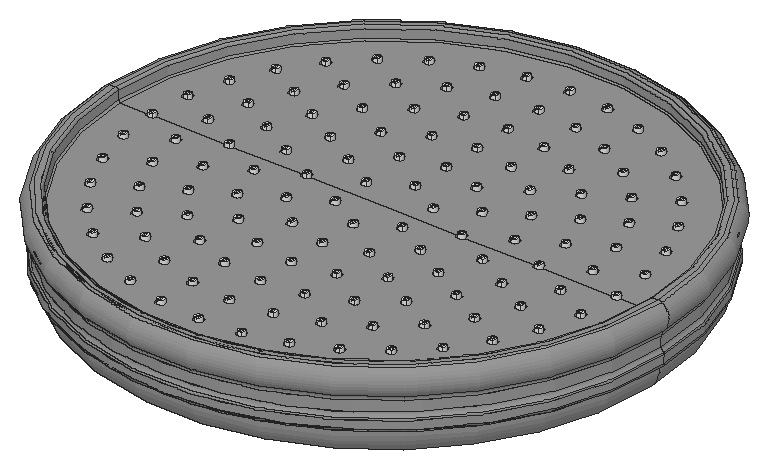
Revit family "Shower-Showerhead-KOHLER-KATALYST-K-15991T_1", category Plumbing Fixtures, host Face, Revit 2017
Family settings
  Host = Face
  Round Connector Dimension = Use Diameter
  Part Type = Normal
  OmniClass Number = 23.31.17.00
  Cut with Voids When Loaded = No
  Shared = No
  Room Calculation Point = No
Parameters (values of type "Not a Type-See Type Catalog")
  Width = 10 109/256"  # constant formula
  WaterSense Certified = 1 = 0  # no
  Waste Water Outlet = "Waste Water Outlet"  # constant formula
  Waste Connection = 1 = 0  # no
  Vent Connection = 1 = 0  # no
  URL = "http://www.kohler.com.cn/"
  Type = 0
  Product Page URL = "https://www.kohler.com.cn/product/K-15991T-CL-CP/K-15991T-CL-2MB/"
  Product Name = "Katalyst"  # constant formula
  Product Documentation Link = "https://files.kohler.com.cn/pdfs/15992T.pdf"
  Pressure = 72.50 psi  # constant formula
  Panel Thickness = 0"
  Model = if(Type = 1, "K-15991T-CL-2BZ", if(Type = 2, "K-15991T-CL-RGD ", if(Type = 3, "K-15991T-CL-BV", if(Type = 4, "K-15991T-CL-PGD", if(Type = 5, "K-15991T-CL-SN", if(Type = 6, "K-15991T-CL-BN", if(Type = 7, "K-15991T-CL-AF", if(Type = 8, "K-15991T-CL-CP", if(Type = 9, "K-15991T-CL-BL", if(Type = 10, "K-15991T-CL-2MB", "NA"))))))))))  # "NA"
  Material = "Premium Metal Construction"  # constant formula
  Master Format 2014 Name = "Residential Showers"  # constant formula
  Master Format 2014 = "22 42 23"  # constant formula
  Manufacturer Address = "Kohler Beijing Office (100016) 36-2-03-B, No. 88, Liuxiang Road, Beijing"  # constant formula
  Manufacturer = "KOHLER Co."  # constant formula
  Length = 10 109/256"  # constant formula
  Hot Water Inlet = "Tempered Water Inlet"  # constant formula
  Height = 3 119/256"  # constant formula
  HW Connection = 1 = 1  # yes
  Flow Rate = 0 GPM
  Finish = Default
  Environmental Product Declaration = ""
  Drain Included = 1 = 0  # no
  Description = "Xpress Rain Shower 10 inch Classic"  # constant formula
  Default Elevation = 0"
  Declare Label = ""
  Date Modified = "09/28/2020"  # constant formula
  Date Created = "09/28/2020"  # constant formula
  Copyright = "Copyright KOHLER Co."  # constant formula
  Contact Us = "http://www.kohler.com.cn/contact/contact-us/"
  Cold Water Inlet = "Cold Water Inlet"  # constant formula
  CW Connection = 1 = 0  # no
  Assembly Code = "D2010700"
  ADA Compliant = 1 = 0  # no
Reference planes (in)
  plane 1 "Center (Front/Back)": y = 0
  plane 2: z = 0
  plane 3 "Center (Left/Right)": x = 0
  plane 4: z = 3.46484
  plane 5: y = 5.2126
  plane 6: y = -5.21318
  plane 7: x = -5.2126
  plane 8: x = 5.21318
  plane 9: z = 0.97627
Dimensions and locks (in)
  "Height": level to plane 4
  "Width": plane 7 to plane 8
  "Length": plane 5 to plane 6
  aligned and locked: plane 2 to host face
  aligned and locked: level to host face
Automatic sketch dimensions
  host sketch curve to host sketch curve = 96"  (x2)
Nested families (in)
  nested 1: "K-15991T" at (0, 0, 0), type "K-15991T"
Connectors (in)
  piping at (0, 0, 0), diameter 0.5, driven by "Pressure", driven by "HW Connection", driven by "Hot Water Inlet", driven by "Flow Rate"
    settings: on nested 1, index 1, connector inside diameter 24", connector length 0", flow factor 0, pipe flow 0 GPM, pressure drop 72.50 psi, fitting loss kfactor 0, connector angle 0.00°, fixture units 0, engagement length 0", angle of deflection 0.00°, flow configuration 0, flow direction 1, fitting loss method 4, system type 19, joint type 0, gender type 0, connector reference index -1, connector utility 1, adjustable connector no, is connector primary yes, connector description "Tempered Water Inlet"
Definition of nested family "K-15991T"
  Parameters (values of type "K-15991T")
    Material = none
  Reference planes (in)
    plane 1 "Center (Front/Back)": y = 0
    plane 2: z = 0
    plane 3 "Center (Left/Right)": x = 0
    plane 4: z = 3.46457
    plane 5: y = -5.2126
    plane 6: y = 5.2126
    plane 7: x = -5.2126
    plane 8: x = 5.2126
  Forms (in)
    Revolve 1, solid, material <- "Material", detail levels medium+fine
      sketch origin (0, 0, 0) x (1, 0, 0) y (0, 0, 1)
        loop
          arc (-5.01956, 3.46457) -> (-5.04915, 3.46043) -> (-5.07647, 3.44833) r 0.10786
          arc (-5.07647, 3.44833) -> (-5.2126, 3.22244) -> (-5.10918, 2.97983) r 0.28967
          arc (-5.10918, 2.97983) -> (-5.08309, 2.94597) -> (-5.07381, 2.90425) r 0.09842
          line (-5.07381, 2.90425) -> (-5.07381, 2.71266)
          arc (-5.07381, 2.71266) -> (-5.08375, 2.66486) -> (-5.11193, 2.62499) r 0.11988
          arc (-5.11193, 2.62499) -> (-5.1209, 2.6123) -> (-5.12406, 2.59708) r 0.03816
          line (-5.12406, 2.59708) -> (-5.12406, 2.45395)
          arc (-5.12406, 2.45395) -> (-5.11285, 2.42689) -> (-5.08579, 2.41568) r 0.03827
          line (-5.08579, 2.41568) -> (-5.05408, 2.41568) -> (-5.05408, 2.38231)
          arc (-5.05408, 2.38231) -> (-4.9366, 2.05749) -> (-4.63854, 1.88295) r 0.50781
          line (-4.63854, 1.88295) -> (-1.26763, 1.26005)
          arc (-1.26763, 1.26005) -> (-1.08065, 1.20325) -> (-0.911, 1.10627) r 0.87269
          line (-0.911, 1.10627) -> (-0.49943, 1.10627)
          arc (-0.49943, 1.10627) -> (-0.43577, 0.97626) -> (-0.33654, 0.87087) r 0.48455
          arc (-0.33654, 0.87087) -> (-0.31003, 0.80612) -> (-0.35206, 0.75019) r 0.07083
          arc (-0.35206, 0.75019) -> (-0.42759, 0.7) -> (-0.48112, 0.62679) r 0.25817
          arc (-0.48112, 0.62679) -> (-0.4923, 0.59527) -> (-0.49609, 0.56205) r 0.14742
          line (-0.49609, 0.56205) -> (-0.49609, 0.02036)
          arc (-0.49609, 0.02036) -> (-0.49013, 0.00596) -> (-0.47574, 0) r 0.02036
          line (-0.47574, 0) -> (-0.43476, 0) -> (-0.38066, 0.05411) -> (-0.38066, 0.41689) -> (0, 0.41689) -> (0, 3.24281) -> (-4.84979, 3.24281)
          arc (-4.84979, 3.24281) -> (-4.86912, 3.25069) -> (-4.87743, 3.26984) r 0.02765
          line (-4.87743, 3.26984) -> (-4.88082, 3.42155)
          arc (-4.88082, 3.42155) -> (-4.89405, 3.45203) -> (-4.92481, 3.46457) r 0.044
          line (-4.92481, 3.46457) -> (-5.01956, 3.46457)
        axis (0, 3.46457) -> (0, 0)
      angle from 0 to 360
    Extrusion 2, solid, material <- "Material", detail levels medium+fine
      sketch origin (-0.15625, 0, 0) x (1, 0, 0) y (0, 1, 0)
        loop
          arc (1.01321, 0.275) -> (0.93567, 0.45) -> (0.82289, 0.60465) r 0.9
          line (0.82289, 0.60465) -> (0.34657, 0.87965)
          arc (0.34657, 0.87965) -> (0.15625, 0.9) -> (-0.03407, 0.87965) r 0.9
          line (-0.03407, 0.87965) -> (-0.51039, 0.60465)
          arc (-0.51039, 0.60465) -> (-0.62317, 0.45) -> (-0.70071, 0.275) r 0.9
          line (-0.70071, 0.275) -> (-0.70071, -0.275)
          arc (-0.70071, -0.275) -> (-0.62317, -0.45) -> (-0.51039, -0.60465) r 0.9
          line (-0.51039, -0.60465) -> (-0.03407, -0.87965)
          arc (-0.03407, -0.87965) -> (0.15625, -0.9) -> (0.34657, -0.87965) r 0.9
          line (0.34657, -0.87965) -> (0.82289, -0.60465)
          arc (0.82289, -0.60465) -> (0.93567, -0.45) -> (1.01321, -0.275) r 0.9
          line (1.01321, -0.275) -> (1.01321, 0.275)
      from 0.97627 to 1.10627
    Extrusion 3, void
      sketch origin (0, 0, 0) x (1, 0, 0) y (0, 1, 0)
        loop
          circle (-0.00085, 0.70856) r 0.08333
        loop
          circle (-0.61405, 0.35355) r 0.08333
        loop
          circle (-0.00085, 1.41754) r 0.08333
        loop
          circle (-0.70951, 1.22721) r 0.08333
        loop
          circle (-1.22805, 0.70804) r 0.08333
        loop
          circle (-1.41754, -0.00085) r 0.08333
        loop
          circle (-0.00085, 2.12653) r 0.08333
        loop
          circle (-0.00085, 2.83551) r 0.08333
        loop
          circle (-0.00085, 3.5445) r 0.08333
        loop
          circle (-0.00085, 4.25348) r 0.08333
        loop
          circle (-0.72811, 1.99799) r 0.08333
        loop
          circle (-1.36755, 1.62847) r 0.08333
        loop
          circle (-1.84205, 1.06253) r 0.08333
        loop
          circle (-2.09437, 0.36843) r 0.08333
        loop
          circle (-0.7347, 2.73868) r 0.08333
        loop
          circle (-1.41849, 2.4552) r 0.08333
        loop
          circle (-2.00561, 2.00441) r 0.08333
        loop
          circle (-2.45605, 1.41702) r 0.08333
        loop
          circle (-2.73911, 0.73307) r 0.08333
        loop
          circle (-2.83551, -0.00085) r 0.08333
        loop
          circle (-0.73777, 3.46687) r 0.08333
        loop
          circle (-1.44245, 3.23772) r 0.08333
        loop
          circle (-2.08409, 2.86706) r 0.08333
        loop
          circle (-2.63464, 2.3711) r 0.08333
        loop
          circle (-3.07005, 1.77152) r 0.08333
        loop
          circle (-3.37128, 1.0945) r 0.08333
        loop
          circle (-3.52517, 0.36966) r 0.08333
        loop
          circle (-0.73944, 4.18871) r 0.08333
        loop
          circle (-1.45557, 3.99668) r 0.08333
        loop
          circle (-2.12747, 3.6832) r 0.08333
        loop
          circle (-2.73473, 3.25781) r 0.08333
        loop
          circle (-3.2589, 2.73344) r 0.08333
        loop
          circle (-3.68405, 2.12601) r 0.08333
        loop
          circle (-3.99726, 1.45398) r 0.08333
        loop
          circle (-4.18901, 0.73778) r 0.08333
        loop
          circle (-4.25348, -0.00085) r 0.08333
        loop
          circle (0.61405, 0.35355) r 0.08333
        loop
          circle (0.70951, 1.22721) r 0.08333
        loop
          circle (1.22805, 0.70804) r 0.08333
        loop
          circle (0.72811, 1.99799) r 0.08333
        loop
          circle (1.36755, 1.62847) r 0.08333
        loop
          circle (1.84205, 1.06253) r 0.08333
        loop
          circle (2.09437, 0.36843) r 0.08333
        loop
          circle (0.7347, 2.73868) r 0.08333
        loop
          circle (1.41849, 2.4552) r 0.08333
        loop
          circle (2.00561, 2.00441) r 0.08333
        loop
          circle (2.45605, 1.41702) r 0.08333
        loop
          circle (2.73911, 0.73307) r 0.08333
        loop
          circle (0.73777, 3.46687) r 0.08333
        loop
          circle (1.44245, 3.23772) r 0.08333
        loop
          circle (2.08409, 2.86706) r 0.08333
        loop
          circle (2.63464, 2.3711) r 0.08333
        loop
          circle (3.07005, 1.77152) r 0.08333
        loop
          circle (3.37128, 1.0945) r 0.08333
        loop
          circle (3.52517, 0.36966) r 0.08333
        loop
          circle (0.73944, 4.18871) r 0.08333
        loop
          circle (1.45557, 3.99668) r 0.08333
        loop
          circle (2.12747, 3.6832) r 0.08333
        loop
          circle (2.73473, 3.25781) r 0.08333
        loop
          circle (3.2589, 2.73344) r 0.08333
        loop
          circle (3.68405, 2.12601) r 0.08333
        loop
          circle (3.99726, 1.45398) r 0.08333
        loop
          circle (4.18901, 0.73778) r 0.08333
        loop
          circle (1.41754, -0.00085) r 0.08333
        loop
          circle (2.83551, -0.00085) r 0.08333
        loop
          circle (4.25348, -0.00085) r 0.08333
        loop
          circle (-0.00085, -0.70856) r 0.08333
        loop
          circle (-0.61405, -0.35355) r 0.08333
        loop
          circle (-0.00085, -1.41754) r 0.08333
        loop
          circle (-0.70951, -1.22721) r 0.08333
        loop
          circle (-1.22805, -0.70804) r 0.08333
        loop
          circle (-0.00085, -2.12653) r 0.08333
        loop
          circle (-0.00085, -2.83551) r 0.08333
        loop
          circle (-0.00085, -3.5445) r 0.08333
        loop
          circle (-0.00085, -4.25348) r 0.08333
        loop
          circle (-0.72811, -1.99799) r 0.08333
        loop
          circle (-1.36755, -1.62847) r 0.08333
        loop
          circle (-1.84205, -1.06253) r 0.08333
        loop
          circle (-2.09437, -0.36843) r 0.08333
        loop
          circle (-0.7347, -2.73868) r 0.08333
        loop
          circle (-1.41849, -2.4552) r 0.08333
        loop
          circle (-2.00561, -2.00441) r 0.08333
        loop
          circle (-2.45605, -1.41702) r 0.08333
        loop
          circle (-2.73911, -0.73307) r 0.08333
        loop
          circle (-0.73777, -3.46687) r 0.08333
        loop
          circle (-1.44245, -3.23772) r 0.08333
        loop
          circle (-2.08409, -2.86706) r 0.08333
        loop
          circle (-2.63464, -2.3711) r 0.08333
        loop
          circle (-3.07005, -1.77152) r 0.08333
        loop
          circle (-3.37128, -1.0945) r 0.08333
        loop
          circle (-3.52517, -0.36966) r 0.08333
        loop
          circle (-0.73944, -4.18871) r 0.08333
        loop
          circle (-1.45557, -3.99668) r 0.08333
        loop
          circle (-2.12747, -3.6832) r 0.08333
        loop
          circle (-2.73473, -3.25781) r 0.08333
        loop
          circle (-3.2589, -2.73344) r 0.08333
        loop
          circle (-3.68405, -2.12601) r 0.08333
        loop
          circle (-3.99726, -1.45398) r 0.08333
        loop
          circle (-4.18901, -0.73778) r 0.08333
        loop
          circle (0.61405, -0.35355) r 0.08333
        loop
          circle (0.70951, -1.22721) r 0.08333
        loop
          circle (1.22805, -0.70804) r 0.08333
        loop
          circle (0.72811, -1.99799) r 0.08333
        loop
          circle (1.36755, -1.62847) r 0.08333
        loop
          circle (1.84205, -1.06253) r 0.08333
        loop
          circle (2.09437, -0.36843) r 0.08333
        loop
          circle (0.7347, -2.73868) r 0.08333
        loop
          circle (1.41849, -2.4552) r 0.08333
        loop
          circle (2.00561, -2.00441) r 0.08333
        loop
          circle (2.45605, -1.41702) r 0.08333
        loop
          circle (2.73911, -0.73307) r 0.08333
        loop
          circle (0.73777, -3.46687) r 0.08333
        loop
          circle (1.44245, -3.23772) r 0.08333
        loop
          circle (2.08409, -2.86706) r 0.08333
        loop
          circle (2.63464, -2.3711) r 0.08333
        loop
          circle (3.07005, -1.77152) r 0.08333
        loop
          circle (3.37128, -1.0945) r 0.08333
        loop
          circle (3.52517, -0.36966) r 0.08333
        loop
          circle (0.73944, -4.18871) r 0.08333
        loop
          circle (1.45557, -3.99668) r 0.08333
        loop
          circle (2.12747, -3.6832) r 0.08333
        loop
          circle (2.73473, -3.25781) r 0.08333
        loop
          circle (3.2589, -2.73344) r 0.08333
        loop
          circle (3.68405, -2.12601) r 0.08333
        loop
          circle (3.99726, -1.45398) r 0.08333
        loop
          circle (4.18901, -0.73778) r 0.08333
      from 3.14429 to 3.26977
    Extrusion 4, solid, detail levels medium+fine
      sketch origin (0, 0, 0) x (1, 0, 0) y (0, 1, 0)
        loop
          circle (-0.00085, 0.70856) r 0.06192
        loop
          circle (-0.00085, 0.70856) r 0.0308
        loop
          circle (-0.61405, 0.35355) r 0.06192
        loop
          circle (-0.61405, 0.35355) r 0.0308
        loop
          circle (-0.00085, 1.41754) r 0.06192
        loop
          circle (-0.00085, 1.41754) r 0.0308
        loop
          circle (-0.70951, 1.22721) r 0.06192
        loop
          circle (-0.70951, 1.22721) r 0.0308
        loop
          circle (-1.22805, 0.70804) r 0.06192
        loop
          circle (-1.22805, 0.70804) r 0.0308
        loop
          circle (-1.41754, -0.00085) r 0.06192
        loop
          circle (-1.41754, -0.00085) r 0.0308
        loop
          circle (-2.83551, -0.00085) r 0.06192
        loop
          circle (-2.83551, -0.00085) r 0.0308
        loop
          circle (-4.25348, -0.00085) r 0.06192
        loop
          circle (-4.25348, -0.00085) r 0.0308
        loop
          circle (-0.00085, 2.12653) r 0.06192
        loop
          circle (-0.00085, 2.12653) r 0.0308
        loop
          circle (-0.00085, 2.83551) r 0.06192
        loop
          circle (-0.00085, 2.83551) r 0.0308
        loop
          circle (-0.00085, 3.5445) r 0.06192
        loop
          circle (-0.00085, 3.5445) r 0.0308
        loop
          circle (-0.00085, 4.25348) r 0.06192
        loop
          circle (-0.00085, 4.25348) r 0.0308
        loop
          circle (-2.09437, 0.36843) r 0.06192
        loop
          circle (-2.09437, 0.36843) r 0.0308
        loop
          circle (-0.72811, 1.99799) r 0.06192
        loop
          circle (-0.72811, 1.99799) r 0.0308
        loop
          circle (-1.36755, 1.62847) r 0.06192
        loop
          circle (-1.36755, 1.62847) r 0.0308
        loop
          circle (-1.84205, 1.06253) r 0.06192
        loop
          circle (-1.84205, 1.06253) r 0.0308
        loop
          circle (-0.7347, 2.73868) r 0.06192
        loop
          circle (-0.7347, 2.73868) r 0.0308
        loop
          circle (-1.41849, 2.4552) r 0.06192
        loop
          circle (-1.41849, 2.4552) r 0.0308
        loop
          circle (-2.00561, 2.00441) r 0.06192
        loop
          circle (-2.00561, 2.00441) r 0.0308
        loop
          circle (-2.45605, 1.41702) r 0.06192
        loop
          circle (-2.45605, 1.41702) r 0.0308
        loop
          circle (-2.73911, 0.73307) r 0.06192
        loop
          circle (-2.73911, 0.73307) r 0.0308
        loop
          circle (-3.52517, 0.36966) r 0.06192
        loop
          circle (-3.52517, 0.36966) r 0.0308
        loop
          circle (-3.37128, 1.0945) r 0.06192
        loop
          circle (-3.37128, 1.0945) r 0.0308
        loop
          circle (-3.07005, 1.77152) r 0.06192
        loop
          circle (-3.07005, 1.77152) r 0.0308
        loop
          circle (-2.63464, 2.3711) r 0.06192
        loop
          circle (-2.63464, 2.3711) r 0.0308
        loop
          circle (-2.08409, 2.86706) r 0.06192
        loop
          circle (-2.08409, 2.86706) r 0.0308
        loop
          circle (-1.44245, 3.23772) r 0.06192
        loop
          circle (-1.44245, 3.23772) r 0.0308
        loop
          circle (-0.73777, 3.46687) r 0.06192
        loop
          circle (-0.73777, 3.46687) r 0.0308
        loop
          circle (-0.73944, 4.18871) r 0.06192
        loop
          circle (-0.73944, 4.18871) r 0.0308
        loop
          circle (-1.45557, 3.99668) r 0.06192
        loop
          circle (-1.45557, 3.99668) r 0.0308
        loop
          circle (-2.12747, 3.6832) r 0.06192
        loop
          circle (-2.12747, 3.6832) r 0.0308
        loop
          circle (-2.73473, 3.25781) r 0.06192
        loop
          circle (-2.73473, 3.25781) r 0.0308
        loop
          circle (-3.2589, 2.73344) r 0.06192
        loop
          circle (-3.2589, 2.73344) r 0.0308
        loop
          circle (-3.68405, 2.12601) r 0.06192
        loop
          circle (-3.68405, 2.12601) r 0.0308
        loop
          circle (-3.99726, 1.45398) r 0.06192
        loop
          circle (-3.99726, 1.45398) r 0.0308
        loop
          circle (-4.18901, 0.73778) r 0.06192
        loop
          circle (-4.18901, 0.73778) r 0.0308
        loop
          circle (0.61236, 0.35355) r 0.06192
        loop
          circle (0.61236, 0.35355) r 0.0308
        loop
          circle (0.70781, 1.22721) r 0.06192
        loop
          circle (0.70781, 1.22721) r 0.0308
        loop
          circle (1.22636, 0.70804) r 0.06192
        loop
          circle (1.22636, 0.70804) r 0.0308
        loop
          circle (2.09268, 0.36843) r 0.06192
        loop
          circle (2.09268, 0.36843) r 0.0308
        loop
          circle (0.72642, 1.99799) r 0.06192
        loop
          circle (0.72642, 1.99799) r 0.0308
        loop
          circle (1.36586, 1.62847) r 0.06192
        loop
          circle (1.36586, 1.62847) r 0.0308
        loop
          circle (1.84036, 1.06253) r 0.06192
        loop
          circle (1.84036, 1.06253) r 0.0308
        loop
          circle (0.73301, 2.73868) r 0.06192
        loop
          circle (0.73301, 2.73868) r 0.0308
        loop
          circle (1.4168, 2.4552) r 0.06192
        loop
          circle (1.4168, 2.4552) r 0.0308
        loop
          circle (2.00392, 2.00441) r 0.06192
        loop
          circle (2.00392, 2.00441) r 0.0308
        loop
          circle (2.45436, 1.41702) r 0.06192
        loop
          circle (2.45436, 1.41702) r 0.0308
        loop
          circle (2.73742, 0.73307) r 0.06192
        loop
          circle (2.73742, 0.73307) r 0.0308
        loop
          circle (3.52348, 0.36966) r 0.06192
        loop
          circle (3.52348, 0.36966) r 0.0308
        loop
          circle (3.36959, 1.0945) r 0.06192
        loop
          circle (3.36959, 1.0945) r 0.0308
        loop
          circle (3.06836, 1.77152) r 0.06192
        loop
          circle (3.06836, 1.77152) r 0.0308
        loop
          circle (2.63295, 2.3711) r 0.06192
        loop
          circle (2.63295, 2.3711) r 0.0308
        loop
          circle (2.0824, 2.86706) r 0.06192
        loop
          circle (2.0824, 2.86706) r 0.0308
        loop
          circle (1.44076, 3.23772) r 0.06192
        loop
          circle (1.44076, 3.23772) r 0.0308
        loop
          circle (0.73608, 3.46687) r 0.06192
        loop
          circle (0.73608, 3.46687) r 0.0308
        loop
          circle (0.73775, 4.18871) r 0.06192
        loop
          circle (0.73775, 4.18871) r 0.0308
        loop
          circle (1.45388, 3.99668) r 0.06192
        loop
          circle (1.45388, 3.99668) r 0.0308
        loop
          circle (2.12578, 3.6832) r 0.06192
        loop
          circle (2.12578, 3.6832) r 0.0308
        loop
          circle (2.73304, 3.25781) r 0.06192
        loop
          circle (2.73304, 3.25781) r 0.0308
        loop
          circle (3.25721, 2.73344) r 0.06192
        loop
          circle (3.25721, 2.73344) r 0.0308
        loop
          circle (3.68235, 2.12601) r 0.06192
        loop
          circle (3.68235, 2.12601) r 0.0308
        loop
          circle (3.99556, 1.45398) r 0.06192
        loop
          circle (3.99556, 1.45398) r 0.0308
        loop
          circle (4.18732, 0.73778) r 0.06192
        loop
          circle (4.18732, 0.73778) r 0.0308
        loop
          circle (1.41754, -0.00085) r 0.06192
        loop
          circle (1.41754, -0.00085) r 0.0308
        loop
          circle (2.83551, -0.00085) r 0.06192
        loop
          circle (2.83551, -0.00085) r 0.0308
        loop
          circle (4.25348, -0.00085) r 0.06192
        loop
          circle (4.25348, -0.00085) r 0.0308
        loop
          circle (-0.00085, -0.70856) r 0.06192
        loop
          circle (-0.00085, -0.70856) r 0.0308
        loop
          circle (-0.61405, -0.35355) r 0.06192
        loop
          circle (-0.61405, -0.35355) r 0.0308
        loop
          circle (-0.00085, -1.41754) r 0.06192
        loop
          circle (-0.00085, -1.41754) r 0.0308
        loop
          circle (-0.70951, -1.22721) r 0.06192
        loop
          circle (-0.70951, -1.22721) r 0.0308
        loop
          circle (-1.22805, -0.70804) r 0.06192
        loop
          circle (-1.22805, -0.70804) r 0.0308
        loop
          circle (-0.00085, -2.12653) r 0.06192
        loop
          circle (-0.00085, -2.12653) r 0.0308
        loop
          circle (-0.00085, -2.83551) r 0.06192
        loop
          circle (-0.00085, -2.83551) r 0.0308
        loop
          circle (-0.00085, -3.5445) r 0.06192
        loop
          circle (-0.00085, -3.5445) r 0.0308
        loop
          circle (-0.00085, -4.25348) r 0.06192
        loop
          circle (-0.00085, -4.25348) r 0.0308
        loop
          circle (-2.09437, -0.36843) r 0.06192
        loop
          circle (-2.09437, -0.36843) r 0.0308
        loop
          circle (-0.72811, -1.99799) r 0.06192
        loop
          circle (-0.72811, -1.99799) r 0.0308
        loop
          circle (-1.36755, -1.62847) r 0.06192
        loop
          circle (-1.36755, -1.62847) r 0.0308
        loop
          circle (-1.84205, -1.06253) r 0.06192
        loop
          circle (-1.84205, -1.06253) r 0.0308
        loop
          circle (-0.7347, -2.73868) r 0.06192
        loop
          circle (-0.7347, -2.73868) r 0.0308
        loop
          circle (-1.41849, -2.4552) r 0.06192
        loop
          circle (-1.41849, -2.4552) r 0.0308
        loop
          circle (-2.00561, -2.00441) r 0.06192
        loop
          circle (-2.00561, -2.00441) r 0.0308
        loop
          circle (-2.45605, -1.41702) r 0.06192
        loop
          circle (-2.45605, -1.41702) r 0.0308
        loop
          circle (-2.73911, -0.73307) r 0.06192
        loop
          circle (-2.73911, -0.73307) r 0.0308
        loop
          circle (-3.52517, -0.36966) r 0.06192
        loop
          circle (-3.52517, -0.36966) r 0.0308
        loop
          circle (-3.37128, -1.0945) r 0.06192
        loop
          circle (-3.37128, -1.0945) r 0.0308
        loop
          circle (-3.07005, -1.77152) r 0.06192
        loop
          circle (-3.07005, -1.77152) r 0.0308
        loop
          circle (-2.63464, -2.3711) r 0.06192
        loop
          circle (-2.63464, -2.3711) r 0.0308
        loop
          circle (-2.08409, -2.86706) r 0.06192
        loop
          circle (-2.08409, -2.86706) r 0.0308
        loop
          circle (-1.44245, -3.23772) r 0.06192
        loop
          circle (-1.44245, -3.23772) r 0.0308
        loop
          circle (-0.73777, -3.46687) r 0.06192
        loop
          circle (-0.73777, -3.46687) r 0.0308
        loop
          circle (-0.73944, -4.18871) r 0.06192
        loop
          circle (-0.73944, -4.18871) r 0.0308
        loop
          circle (-1.45557, -3.99668) r 0.06192
        loop
          circle (-1.45557, -3.99668) r 0.0308
        loop
          circle (-2.12747, -3.6832) r 0.06192
        loop
          circle (-2.12747, -3.6832) r 0.0308
        loop
          circle (-2.73473, -3.25781) r 0.06192
        loop
          circle (-2.73473, -3.25781) r 0.0308
        loop
          circle (-3.2589, -2.73344) r 0.06192
        loop
          circle (-3.2589, -2.73344) r 0.0308
        loop
          circle (-3.68405, -2.12601) r 0.06192
        loop
          circle (-3.68405, -2.12601) r 0.0308
        loop
          circle (-3.99726, -1.45398) r 0.06192
        loop
          circle (-3.99726, -1.45398) r 0.0308
        loop
          circle (-4.18901, -0.73778) r 0.06192
        loop
          circle (-4.18901, -0.73778) r 0.0308
        loop
          circle (0.61236, -0.35355) r 0.06192
        loop
          circle (0.61236, -0.35355) r 0.0308
        loop
          circle (0.70781, -1.22721) r 0.06192
        loop
          circle (0.70781, -1.22721) r 0.0308
        loop
          circle (1.22636, -0.70804) r 0.06192
        loop
          circle (1.22636, -0.70804) r 0.0308
        loop
          circle (2.09268, -0.36843) r 0.06192
        loop
          circle (2.09268, -0.36843) r 0.0308
        loop
          circle (0.72642, -1.99799) r 0.06192
        loop
          circle (0.72642, -1.99799) r 0.0308
        loop
          circle (1.36586, -1.62847) r 0.06192
        loop
          circle (1.36586, -1.62847) r 0.0308
        loop
          circle (1.84036, -1.06253) r 0.06192
        loop
          circle (1.84036, -1.06253) r 0.0308
        loop
          circle (0.73301, -2.73868) r 0.06192
        loop
          circle (0.73301, -2.73868) r 0.0308
        loop
          circle (1.4168, -2.4552) r 0.06192
        loop
          circle (1.4168, -2.4552) r 0.0308
        loop
          circle (2.00392, -2.00441) r 0.06192
        loop
          circle (2.00392, -2.00441) r 0.0308
        loop
          circle (2.45436, -1.41702) r 0.06192
        loop
          circle (2.45436, -1.41702) r 0.0308
        loop
          circle (2.73742, -0.73307) r 0.06192
        loop
          circle (2.73742, -0.73307) r 0.0308
        loop
          circle (3.52348, -0.36966) r 0.06192
        loop
          circle (3.52348, -0.36966) r 0.0308
        loop
          circle (3.36959, -1.0945) r 0.06192
        loop
          circle (3.36959, -1.0945) r 0.0308
        loop
          circle (3.06836, -1.77152) r 0.06192
        loop
          circle (3.06836, -1.77152) r 0.0308
        loop
          circle (2.63295, -2.3711) r 0.06192
        loop
          circle (2.63295, -2.3711) r 0.0308
        loop
          circle (2.0824, -2.86706) r 0.06192
        loop
          circle (2.0824, -2.86706) r 0.0308
        loop
          circle (1.44076, -3.23772) r 0.06192
        loop
          circle (1.44076, -3.23772) r 0.0308
        loop
          circle (0.73608, -3.46687) r 0.06192
        loop
          circle (0.73608, -3.46687) r 0.0308
        loop
          circle (0.73775, -4.18871) r 0.06192
        loop
          circle (0.73775, -4.18871) r 0.0308
        loop
          circle (1.45388, -3.99668) r 0.06192
        loop
          circle (1.45388, -3.99668) r 0.0308
        loop
          circle (2.12578, -3.6832) r 0.06192
        loop
          circle (2.12578, -3.6832) r 0.0308
        loop
          circle (2.73304, -3.25781) r 0.06192
        loop
          circle (2.73304, -3.25781) r 0.0308
        loop
          circle (3.25721, -2.73344) r 0.06192
        loop
          circle (3.25721, -2.73344) r 0.0308
        loop
          circle (3.68235, -2.12601) r 0.06192
        loop
          circle (3.68235, -2.12601) r 0.0308
        loop
          circle (3.99556, -1.45398) r 0.06192
        loop
          circle (3.99556, -1.45398) r 0.0308
        loop
          circle (4.18732, -0.73778) r 0.06192
        loop
          circle (4.18732, -0.73778) r 0.0308
      from 3.14429 to 3.30177
    Extrusion 5, void
      sketch origin (0, 0, 0) x (1, 0, 0) y (0, 0, 1)
        loop
          arc (0.44344, 0.18738) -> (0.44715, 0.17095) -> (0.45758, 0.15773) r 0.03815
          line (0.45758, 0.15773) -> (0.51217, 0.11352) -> (0.51217, 0.65692)
          arc (0.51217, 0.65692) -> (0.49884, 0.6802) -> (0.47202, 0.6805) r 0.027
          arc (0.47202, 0.6805) -> (0.45489, 0.66437) -> (0.44744, 0.64206) r 0.04821
          arc (0.44744, 0.64206) -> (0.44444, 0.58944) -> (0.44344, 0.53674) r 1.38794
          line (0.44344, 0.53674) -> (0.44344, 0.18738)
        loop
          line (-0.44344, 0.18738) -> (-0.44344, 0.53674)
          arc (-0.44344, 0.53674) -> (-0.44444, 0.58944) -> (-0.44744, 0.64206) r 1.38794
          arc (-0.44744, 0.64206) -> (-0.45489, 0.66437) -> (-0.47202, 0.6805) r 0.04821
          arc (-0.47202, 0.6805) -> (-0.49884, 0.6802) -> (-0.51217, 0.65692) r 0.027
          line (-0.51217, 0.65692) -> (-0.51217, 0.11352) -> (-0.45758, 0.15773)
          arc (-0.45758, 0.15773) -> (-0.44715, 0.17095) -> (-0.44344, 0.18738) r 0.03815
      from 0.5 to -0.5
    Revolve 6, solid, material <- "Material", detail levels coarse
      sketch origin (0, 0, 6) x (1, 0, 0) y (0, 0, 1)
        loop
          line (-5.2126, -2.53543) -> (-5.2126, -3.99843) -> (-0.911, -4.89373) -> (-0.911, -5.02373) -> (-0.49609, -5.02373) -> (-0.49609, -6) -> (0, -6) -> (0, -2.53543) -> (-5.2126, -2.53543)
        axis (0, -2.53543) -> (0, -6)
      angle from 0 to 360
  Cuts and joins
    Extrusion 3, Extrusion 5 cuts Revolve 1
  Lines and regions (in)
    Masking region 1
      outline origin (0, 0, 0) x (0, 1, 0) y (0, 0, 1)
        loop
          line (5.01956, 3.46457) -> (-5.01956, 3.46457)
          arc (-5.01956, 3.46457) -> (-5.04915, 3.46043) -> (-5.07647, 3.44833) r 0.10786
          arc (-5.07647, 3.44833) -> (-5.2126, 3.22244) -> (-5.10918, 2.97983) r 0.28967
          arc (-5.10918, 2.97983) -> (-5.08309, 2.94597) -> (-5.07381, 2.90425) r 0.09842
          line (-5.07381, 2.90425) -> (-5.07381, 2.71266)
          arc (-5.07381, 2.71266) -> (-5.08375, 2.66486) -> (-5.11193, 2.62499) r 0.11988
          arc (-5.11193, 2.62499) -> (-5.1209, 2.6123) -> (-5.12406, 2.59708) r 0.03816
          line (-5.12406, 2.59708) -> (-5.12406, 2.45395)
          arc (-5.12406, 2.45395) -> (-5.11285, 2.42689) -> (-5.08579, 2.41568) r 0.03827
          line (-5.08579, 2.41568) -> (-5.05408, 2.41568) -> (-5.05408, 2.3829)
          arc (-5.05408, 2.3829) -> (-4.93747, 2.05852) -> (-4.64104, 1.88261) r 0.50951
          line (-4.64104, 1.88261) -> (-1.26783, 1.26009)
          arc (-1.26783, 1.26009) -> (-1.08074, 1.20329) -> (-0.911, 1.10627) r 0.87269
          line (-0.911, 1.10627) -> (-0.911, 0.97627) -> (-0.43577, 0.97627)
          arc (-0.43577, 0.97627) -> (-0.39011, 0.91984) -> (-0.33654, 0.87087) r 0.48455
          arc (-0.33654, 0.87087) -> (-0.31003, 0.80612) -> (-0.35206, 0.75019) r 0.07083
          arc (-0.35206, 0.75019) -> (-0.43024, 0.69744) -> (-0.48425, 0.62013) r 0.25817
          arc (-0.48425, 0.62013) -> (-0.4931, 0.59341) -> (-0.49609, 0.56541) r 0.13238
          line (-0.49609, 0.56541) -> (-0.49609, 0.02036)
          arc (-0.49609, 0.02036) -> (-0.49013, 0.00596) -> (-0.47574, 0) r 0.02036
          line (-0.47574, 0) -> (0.47574, 0)
          arc (0.47574, 0) -> (0.49013, 0.00596) -> (0.49609, 0.02036) r 0.02036
          line (0.49609, 0.02036) -> (0.49609, 0.56541)
          arc (0.49609, 0.56541) -> (0.4931, 0.59341) -> (0.48425, 0.62013) r 0.13238
          arc (0.48425, 0.62013) -> (0.43024, 0.69744) -> (0.35206, 0.75019) r 0.25817
          arc (0.35206, 0.75019) -> (0.31003, 0.80612) -> (0.33654, 0.87087) r 0.07083
          arc (0.33654, 0.87087) -> (0.39011, 0.91984) -> (0.43577, 0.97627) r 0.48455
          line (0.43577, 0.97627) -> (0.911, 0.97627) -> (0.911, 1.10627)
          arc (0.911, 1.10627) -> (1.08074, 1.20329) -> (1.26783, 1.26009) r 0.87269
          line (1.26783, 1.26009) -> (4.64104, 1.88261)
          arc (4.64104, 1.88261) -> (4.93747, 2.05852) -> (5.05408, 2.3829) r 0.50951
          line (5.05408, 2.3829) -> (5.05408, 2.41568) -> (5.08579, 2.41568)
          arc (5.08579, 2.41568) -> (5.11285, 2.42689) -> (5.12406, 2.45395) r 0.03827
          line (5.12406, 2.45395) -> (5.12406, 2.59708)
          arc (5.12406, 2.59708) -> (5.1209, 2.6123) -> (5.11193, 2.62499) r 0.03816
          arc (5.11193, 2.62499) -> (5.08375, 2.66486) -> (5.07381, 2.71266) r 0.11988
          line (5.07381, 2.71266) -> (5.07381, 2.90425)
          arc (5.07381, 2.90425) -> (5.08309, 2.94597) -> (5.10918, 2.97983) r 0.09842
          arc (5.10918, 2.97983) -> (5.2126, 3.22244) -> (5.07647, 3.44833) r 0.28967
          arc (5.07647, 3.44833) -> (5.04915, 3.46043) -> (5.01956, 3.46457) r 0.10786
    Masking region 2
      outline origin (0, 0, 0) x (1, 0, 0) y (0, 0, 1)
        loop
          line (-0.47574, 0) -> (0.47574, 0)
          arc (0.47574, 0) -> (0.49013, 0.00596) -> (0.49609, 0.02036) r 0.02036
          line (0.49609, 0.02036) -> (0.49609, 0.12654) -> (0.45758, 0.15773)
          arc (0.45758, 0.15773) -> (0.44715, 0.17095) -> (0.44344, 0.18738) r 0.03815
          line (0.44344, 0.18738) -> (0.44344, 0.53674)
          arc (0.44344, 0.53674) -> (0.44575, 0.5937) -> (0.45266, 0.65028) r 0.70352
          arc (0.45266, 0.65028) -> (0.4516, 0.66821) -> (0.44298, 0.68397) r 0.04098
          arc (0.44298, 0.68397) -> (0.40117, 0.72209) -> (0.35206, 0.75019) r 0.25817
          arc (0.35206, 0.75019) -> (0.31003, 0.80612) -> (0.33654, 0.87087) r 0.07083
          arc (0.33654, 0.87087) -> (0.39011, 0.91984) -> (0.43577, 0.97627) r 0.48455
          line (0.43577, 0.97627) -> (0.911, 0.97627) -> (0.911, 1.10627)
          arc (0.911, 1.10627) -> (1.08074, 1.20329) -> (1.26783, 1.26009) r 0.87269
          line (1.26783, 1.26009) -> (4.64104, 1.88261)
          arc (4.64104, 1.88261) -> (4.93747, 2.05852) -> (5.05408, 2.3829) r 0.50951
          line (5.05408, 2.3829) -> (5.05408, 2.41568) -> (5.08579, 2.41568)
          arc (5.08579, 2.41568) -> (5.11285, 2.42689) -> (5.12406, 2.45395) r 0.03827
          line (5.12406, 2.45395) -> (5.12406, 2.59708)
          arc (5.12406, 2.59708) -> (5.1209, 2.6123) -> (5.11193, 2.62499) r 0.03816
          arc (5.11193, 2.62499) -> (5.08375, 2.66486) -> (5.07381, 2.71266) r 0.11988
          line (5.07381, 2.71266) -> (5.07381, 2.90425)
          arc (5.07381, 2.90425) -> (5.08309, 2.94597) -> (5.10918, 2.97983) r 0.09842
          arc (5.10918, 2.97983) -> (5.2126, 3.22244) -> (5.07647, 3.44833) r 0.28967
          arc (5.07647, 3.44833) -> (5.04915, 3.46043) -> (5.01956, 3.46457) r 0.10786
          line (5.01956, 3.46457) -> (-5.01956, 3.46457)
          arc (-5.01956, 3.46457) -> (-5.04915, 3.46043) -> (-5.07647, 3.44833) r 0.10786
          arc (-5.07647, 3.44833) -> (-5.2126, 3.22244) -> (-5.10918, 2.97983) r 0.28967
          arc (-5.10918, 2.97983) -> (-5.08309, 2.94597) -> (-5.07381, 2.90425) r 0.09842
          line (-5.07381, 2.90425) -> (-5.07381, 2.71266)
          arc (-5.07381, 2.71266) -> (-5.08375, 2.66486) -> (-5.11193, 2.62499) r 0.11988
          arc (-5.11193, 2.62499) -> (-5.1209, 2.6123) -> (-5.12406, 2.59708) r 0.03816
          line (-5.12406, 2.59708) -> (-5.12406, 2.45395)
          arc (-5.12406, 2.45395) -> (-5.11285, 2.42689) -> (-5.08579, 2.41568) r 0.03827
          line (-5.08579, 2.41568) -> (-5.05408, 2.41568) -> (-5.05408, 2.3829)
          arc (-5.05408, 2.3829) -> (-4.9386, 2.05759) -> (-4.64104, 1.88261) r 0.50464
          line (-4.64104, 1.88261) -> (-1.26783, 1.26009)
          arc (-1.26783, 1.26009) -> (-1.08074, 1.20329) -> (-0.911, 1.10627) r 0.87269
          line (-0.911, 1.10627) -> (-0.911, 0.97627) -> (-0.43577, 0.97627)
          arc (-0.43577, 0.97627) -> (-0.39011, 0.91984) -> (-0.33654, 0.87087) r 0.48455
          arc (-0.33654, 0.87087) -> (-0.31003, 0.80612) -> (-0.35206, 0.75019) r 0.07083
          arc (-0.35206, 0.75019) -> (-0.40117, 0.72209) -> (-0.44298, 0.68397) r 0.25817
          arc (-0.44298, 0.68397) -> (-0.4516, 0.66821) -> (-0.45266, 0.65028) r 0.04098
          arc (-0.45266, 0.65028) -> (-0.44575, 0.5937) -> (-0.44344, 0.53674) r 0.70352
          line (-0.44344, 0.53674) -> (-0.44344, 0.18738)
          arc (-0.44344, 0.18738) -> (-0.44715, 0.17095) -> (-0.45758, 0.15773) r 0.03815
          line (-0.45758, 0.15773) -> (-0.49609, 0.12654) -> (-0.49609, 0.02036)
          arc (-0.49609, 0.02036) -> (-0.49013, 0.00596) -> (-0.47574, 0) r 0.02036
    Masking region 3
      outline origin (0, 0, 0) x (1, 0, 0) y (0, 1, 0)
        loop
          circle (0, 0) r 5.2126
    symbolic lines, detail levels medium+fine
      curve 1: line (0, 0.43577, 0.97627) -> (0, -0.43577, 0.97627)
      curve 2: line (0, 0.911, 1.10627) -> (0, -0.911, 1.10627)
      curve 3: line (0, 0.85696, 0.97627) -> (0, 0.85696, 1.10627)
      curve 4: line (0, 0.66664, 0.97627) -> (0, 0.66664, 1.10627)
      curve 5: line (0, 0.19032, 0.97627) -> (0, 0.19032, 1.10627)
      curve 6: line (0, -0.19032, 1.10627) -> (0, -0.19032, 0.97627)
      curve 7: line (0, -0.66664, 0.97627) -> (0, -0.66664, 1.10627)
      curve 8: line (0, -0.85696, 1.10627) -> (0, -0.85696, 0.97627)
      curve 9: spline (0, 0, 0.12654) -> (0, 0.01691, 0.12681) -> (0, 0.03379, 0.12753) -> (0, 0.0506, 0.1287) -> (0, 0.06733, 0.13031) -> (0, 0.08393, 0.13236) -> (0, 0.10038, 0.13484) -> (0, 0.11664, 0.13776) -> (0, 0.1327, 0.14111) -> (0, 0.14852, 0.14488) -> (0, 0.16408, 0.14906) -> (0, 0.17934, 0.15365) -> (0, 0.19429, 0.15865)
      curve 10: spline (0, 0.19429, 0.15865) -> (0, 0.19755, 0.15947) -> (0, 0.20073, 0.16061) -> (0, 0.20379, 0.16205) -> (0, 0.20671, 0.16379) -> (0, 0.20947, 0.16582) -> (0, 0.21203, 0.16811) -> (0, 0.21439, 0.17064) -> (0, 0.21652, 0.1734) -> (0, 0.2184, 0.17636) -> (0, 0.22002, 0.1795) -> (0, 0.22136, 0.18279) -> (0, 0.22242, 0.1862)
      curve 11: line (0, 0.22242, 0.1862) -> (0, 0.22242, 0.55838)
      curve 12: spline (0, 0.22242, 0.55838) -> (0, 0.22168, 0.56513) -> (0, 0.2204, 0.5718) -> (0, 0.21859, 0.57835) -> (0, 0.21627, 0.58473) -> (0, 0.21345, 0.5909) -> (0, 0.21016, 0.59684) -> (0, 0.2064, 0.60249) -> (0, 0.2022, 0.60783) -> (0, 0.19759, 0.61281) -> (0, 0.1926, 0.61742) -> (0, 0.18727, 0.62161) -> (0, 0.18161, 0.62537)
      curve 13: spline (0, 0.18161, 0.62537) -> (0, 0.17936, 0.62691) -> (0, 0.17708, 0.62843) -> (0, 0.17479, 0.62992) -> (0, 0.17248, 0.63138) -> (0, 0.17016, 0.63281) -> (0, 0.16781, 0.63422) -> (0, 0.16545, 0.63559) -> (0, 0.16308, 0.63694) -> (0, 0.16068, 0.63826) -> (0, 0.15827, 0.63956) -> (0, 0.15585, 0.64082) -> (0, 0.15341, 0.64206)
      curve 14: spline (0, 0.15341, 0.64206) -> (0, 0.14116, 0.64625) -> (0, 0.12876, 0.65008) -> (0, 0.11623, 0.65352) -> (0, 0.10359, 0.65659) -> (0, 0.09085, 0.65926) -> (0, 0.07802, 0.66155) -> (0, 0.06512, 0.66344) -> (0, 0.05216, 0.66495) -> (0, 0.03915, 0.66605) -> (0, 0.02611, 0.66676) -> (0, 0.01306, 0.66707) -> (0, 0, 0.66699)
      curve 15: spline (0, 0, 0.12654) -> (0, -0.01691, 0.12681) -> (0, -0.03379, 0.12753) -> (0, -0.0506, 0.1287) -> (0, -0.06733, 0.13031) -> (0, -0.08393, 0.13236) -> (0, -0.10038, 0.13484) -> (0, -0.11664, 0.13776) -> (0, -0.1327, 0.14111) -> (0, -0.14852, 0.14488) -> (0, -0.16408, 0.14906) -> (0, -0.17934, 0.15365) -> (0, -0.19429, 0.15865)
      curve 16: spline (0, -0.19429, 0.15865) -> (0, -0.19755, 0.15947) -> (0, -0.20073, 0.16061) -> (0, -0.20379, 0.16205) -> (0, -0.20671, 0.16379) -> (0, -0.20947, 0.16582) -> (0, -0.21203, 0.16811) -> (0, -0.21439, 0.17064) -> (0, -0.21652, 0.1734) -> (0, -0.2184, 0.17636) -> (0, -0.22002, 0.1795) -> (0, -0.22136, 0.18279) -> (0, -0.22242, 0.1862)
      curve 17: line (0, -0.22242, 0.1862) -> (0, -0.22242, 0.55838)
      curve 18: spline (0, -0.22242, 0.55838) -> (0, -0.22168, 0.56513) -> (0, -0.2204, 0.5718) -> (0, -0.21859, 0.57835) -> (0, -0.21627, 0.58473) -> (0, -0.21345, 0.5909) -> (0, -0.21016, 0.59684) -> (0, -0.2064, 0.60249) -> (0, -0.2022, 0.60783) -> (0, -0.19759, 0.61281) -> (0, -0.1926, 0.61742) -> (0, -0.18727, 0.62161) -> (0, -0.18161, 0.62537)
      curve 19: spline (0, -0.18161, 0.62537) -> (0, -0.17936, 0.62691) -> (0, -0.17708, 0.62843) -> (0, -0.17479, 0.62992) -> (0, -0.17248, 0.63138) -> (0, -0.17016, 0.63281) -> (0, -0.16781, 0.63422) -> (0, -0.16545, 0.63559) -> (0, -0.16308, 0.63694) -> (0, -0.16068, 0.63826) -> (0, -0.15827, 0.63956) -> (0, -0.15585, 0.64082) -> (0, -0.15341, 0.64206)
      curve 20: spline (0, -0.15341, 0.64206) -> (0, -0.14116, 0.64625) -> (0, -0.12876, 0.65008) -> (0, -0.11623, 0.65352) -> (0, -0.10359, 0.65659) -> (0, -0.09085, 0.65926) -> (0, -0.07802, 0.66155) -> (0, -0.06512, 0.66344) -> (0, -0.05216, 0.66495) -> (0, -0.03915, 0.66605) -> (0, -0.02611, 0.66676) -> (0, -0.01306, 0.66707) -> (0, 0, 0.66699)
      curve 21: line (0, 0.33654, 0.87087) -> (0, -0.33654, 0.87087)
      curve 22: line (0, 0.35206, 0.75019) -> (0, -0.35206, 0.75019)
      curve 23: line (0, -1.43392, 1.29074) -> (0, 1.43392, 1.29074)
      curve 24: line (0, -5.05408, 2.41568) -> (0, 5.05408, 2.41568)
      curve 25: line (0, -5.12406, 2.59708) -> (0, 5.12406, 2.59708)
      curve 26: line (0, 5.12406, 2.45395) -> (0, -5.12406, 2.45395)
      curve 27: line (0, 5.07381, 2.90425) -> (0, -5.07381, 2.90425)
      curve 28: line (0, 5.07381, 2.71266) -> (0, -5.07381, 2.71266)
      curve 29: line (0, 5.10918, 2.97983) -> (0, -5.10918, 2.97983)
      curve 30: line (-0.43577, 0, 0.97627) -> (0.43577, 0, 0.97627)
      curve 31: line (-0.911, 0, 1.10627) -> (0.911, 0, 1.10627)
      curve 32: line (-0.87965, 0, 1.10627) -> (-0.87965, 0, 0.97627)
      curve 33: line (-0.60465, 0, 0.97627) -> (-0.60465, 0, 1.10627)
      curve 34: line (-0.275, 0, 0.97627) -> (-0.275, 0, 1.10627)
      curve 35: line (0.275, 0, 0.97627) -> (0.275, 0, 1.10627)
      curve 36: line (0.60465, 0, 0.97627) -> (0.60465, 0, 1.10627)
      curve 37: line (0.87965, 0, 0.97627) -> (0.87965, 0, 1.10627)
      curve 38: line (-0.33654, 0, 0.87087) -> (0.33654, 0, 0.87087)
      curve 39: line (-0.35206, 0, 0.75019) -> (0.35206, 0, 0.75019)
      curve 40: line (-1.43392, 0, 1.29074) -> (1.43392, 0, 1.29074)
      curve 41: line (-5.05406, 0, 2.41568) -> (5.05408, 0, 2.41568)
      curve 42: line (-5.12406, 0, 2.45395) -> (5.12406, 0, 2.45395)
      curve 43: line (-5.12406, 0, 2.59708) -> (5.12406, 0, 2.59708)
      curve 44: line (-5.07381, 0, 2.71266) -> (5.07381, 0, 2.71266)
      curve 45: line (-5.07381, 0, 2.90425) -> (5.07381, 0, 2.90425)
      curve 46: line (-5.10918, 0, 2.97983) -> (5.10918, 0, 2.97983)
      curve 47: circle (0, 0, 0) r 5.05408 normal (0, 0, 1)
      curve 48: circle (-0.00085, 1.41754, 0) r 0.08333 normal (0, 0, 1)
      curve 49: circle (-0.00085, 1.41754, 0) r 0.06192 normal (0, 0, 1)
      curve 50: circle (-0.00085, 1.41754, 0) r 0.0308 normal (0, 0, 1)
      curve 51: circle (-0.70951, 1.22721, 0) r 0.08333 normal (0, 0, 1)
      curve 52: circle (-0.70951, 1.22721, 0) r 0.06192 normal (0, 0, 1)
      curve 53: circle (-0.70951, 1.22721, 0) r 0.0308 normal (0, 0, 1)
      curve 54: circle (-1.41754, -0.00085, 0) r 0.08333 normal (0, 0, 1)
      curve 55: circle (-1.41754, -0.00085, 0) r 0.06192 normal (0, 0, 1)
      curve 56: circle (-1.41754, -0.00085, 0) r 0.0308 normal (0, 0, 1)
      curve 57: circle (-1.22805, 0.70804, 0) r 0.08333 normal (0, 0, 1)
      curve 58: circle (-1.22805, 0.70804, 0) r 0.06192 normal (0, 0, 1)
      curve 59: circle (-1.22805, 0.70804, 0) r 0.0308 normal (0, 0, 1)
      curve 60: circle (-0.00085, 2.12653, 0) r 0.08333 normal (0, 0, 1)
      curve 61: circle (-0.00085, 2.12653, 0) r 0.06192 normal (0, 0, 1)
      curve 62: circle (-0.00085, 2.12653, 0) r 0.0308 normal (0, 0, 1)
      curve 63: circle (-0.72811, 1.99799, 0) r 0.08333 normal (0, 0, 1)
      curve 64: circle (-0.72811, 1.99799, 0) r 0.06192 normal (0, 0, 1)
      curve 65: circle (-0.72811, 1.99799, 0) r 0.0308 normal (0, 0, 1)
      curve 66: circle (-1.36755, 1.62847, 0) r 0.08333 normal (0, 0, 1)
      curve 67: circle (-1.36755, 1.62847, 0) r 0.06192 normal (0, 0, 1)
      curve 68: circle (-1.36755, 1.62847, 0) r 0.0308 normal (0, 0, 1)
      curve 69: circle (-1.84205, 1.06253, 0) r 0.08333 normal (0, 0, 1)
      curve 70: circle (-1.84205, 1.06253, 0) r 0.06192 normal (0, 0, 1)
      curve 71: circle (-1.84205, 1.06253, 0) r 0.0308 normal (0, 0, 1)
      curve 72: circle (-2.09437, 0.36843, 0) r 0.08333 normal (0, 0, 1)
      curve 73: circle (-2.09437, 0.36843, 0) r 0.06192 normal (0, 0, 1)
      curve 74: circle (-2.09437, 0.36843, 0) r 0.0308 normal (0, 0, 1)
      curve 75: circle (-2.83551, -0.00085, 0) r 0.08333 normal (0, 0, 1)
      curve 76: circle (-2.83551, -0.00085, 0) r 0.06192 normal (0, 0, 1)
      curve 77: circle (-2.83551, -0.00085, 0) r 0.0308 normal (0, 0, 1)
      curve 78: circle (-2.73911, 0.73307, 0) r 0.08333 normal (0, 0, 1)
      curve 79: circle (-2.73911, 0.73307, 0) r 0.06192 normal (0, 0, 1)
      curve 80: circle (-2.73911, 0.73307, 0) r 0.0308 normal (0, 0, 1)
      curve 81: circle (-2.45605, 1.41702, 0) r 0.08333 normal (0, 0, 1)
      curve 82: circle (-2.45605, 1.41702, 0) r 0.06192 normal (0, 0, 1)
      curve 83: circle (-2.45605, 1.41702, 0) r 0.0308 normal (0, 0, 1)
      curve 84: circle (-2.00561, 2.00441, 0) r 0.08333 normal (0, 0, 1)
      curve 85: circle (-2.00561, 2.00441, 0) r 0.06192 normal (0, 0, 1)
      curve 86: circle (-2.00561, 2.00441, 0) r 0.0308 normal (0, 0, 1)
      curve 87: circle (-1.41849, 2.4552, 0) r 0.08333 normal (0, 0, 1)
      curve 88: circle (-1.41849, 2.4552, 0) r 0.06192 normal (0, 0, 1)
      curve 89: circle (-1.41849, 2.4552, 0) r 0.0308 normal (0, 0, 1)
      curve 90: circle (-0.7347, 2.73868, 0) r 0.08333 normal (0, 0, 1)
      curve 91: circle (-0.7347, 2.73868, 0) r 0.06192 normal (0, 0, 1)
      curve 92: circle (-0.7347, 2.73868, 0) r 0.0308 normal (0, 0, 1)
      curve 93: circle (-0.00085, 2.83551, 0) r 0.08333 normal (0, 0, 1)
      curve 94: circle (-0.00085, 2.83551, 0) r 0.06192 normal (0, 0, 1)
      curve 95: circle (-0.00085, 2.83551, 0) r 0.0308 normal (0, 0, 1)
      curve 96: circle (-3.52517, 0.36966, 0) r 0.08333 normal (0, 0, 1)
      curve 97: circle (-3.52517, 0.36966, 0) r 0.06192 normal (0, 0, 1)
      curve 98: circle (-3.52517, 0.36966, 0) r 0.0308 normal (0, 0, 1)
      curve 99: circle (-4.25348, -0.00085, 0) r 0.08333 normal (0, 0, 1)
      curve 100: circle (-4.25348, -0.00085, 0) r 0.06192 normal (0, 0, 1)
      curve 101: circle (-4.25348, -0.00085, 0) r 0.0308 normal (0, 0, 1)
      curve 102: circle (-4.18901, 0.73778, 0) r 0.08333 normal (0, 0, 1)
      curve 103: circle (-4.18901, 0.73778, 0) r 0.06192 normal (0, 0, 1)
      curve 104: circle (-4.18901, 0.73778, 0) r 0.0308 normal (0, 0, 1)
      curve 105: circle (-3.99726, 1.45398, 0) r 0.08333 normal (0, 0, 1)
      curve 106: circle (-3.99726, 1.45398, 0) r 0.06192 normal (0, 0, 1)
      curve 107: circle (-3.99726, 1.45398, 0) r 0.0308 normal (0, 0, 1)
      curve 108: circle (-3.37128, 1.0945, 0) r 0.08333 normal (0, 0, 1)
      curve 109: circle (-3.37128, 1.0945, 0) r 0.06192 normal (0, 0, 1)
      curve 110: circle (-3.37128, 1.0945, 0) r 0.0308 normal (0, 0, 1)
      curve 111: circle (-3.68405, 2.12601, 0) r 0.08333 normal (0, 0, 1)
      curve 112: circle (-3.68405, 2.12601, 0) r 0.06192 normal (0, 0, 1)
      curve 113: circle (-3.68405, 2.12601, 0) r 0.0308 normal (0, 0, 1)
      curve 114: circle (-3.07005, 1.77152, 0) r 0.08333 normal (0, 0, 1)
      curve 115: circle (-3.07005, 1.77152, 0) r 0.06192 normal (0, 0, 1)
      curve 116: circle (-3.07005, 1.77152, 0) r 0.0308 normal (0, 0, 1)
      curve 117: circle (-2.63464, 2.3711, 0) r 0.08333 normal (0, 0, 1)
      curve 118: circle (-2.63464, 2.3711, 0) r 0.06192 normal (0, 0, 1)
      curve 119: circle (-2.63464, 2.3711, 0) r 0.0308 normal (0, 0, 1)
      curve 120: circle (-3.2589, 2.73344, 0) r 0.08333 normal (0, 0, 1)
      curve 121: circle (-3.2589, 2.73344, 0) r 0.06192 normal (0, 0, 1)
      curve 122: circle (-3.2589, 2.73344, 0) r 0.0308 normal (0, 0, 1)
      curve 123: circle (-2.73473, 3.25781, 0) r 0.08333 normal (0, 0, 1)
      curve 124: circle (-2.73473, 3.25781, 0) r 0.06192 normal (0, 0, 1)
      curve 125: circle (-2.73473, 3.25781, 0) r 0.0308 normal (0, 0, 1)
      curve 126: circle (-2.08409, 2.86706, 0) r 0.08333 normal (0, 0, 1)
      curve 127: circle (-2.08409, 2.86706, 0) r 0.06192 normal (0, 0, 1)
      curve 128: circle (-2.08409, 2.86706, 0) r 0.0308 normal (0, 0, 1)
      curve 129: circle (-2.12747, 3.6832, 0) r 0.08333 normal (0, 0, 1)
      curve 130: circle (-2.12747, 3.6832, 0) r 0.06192 normal (0, 0, 1)
      curve 131: circle (-2.12747, 3.6832, 0) r 0.0308 normal (0, 0, 1)
      curve 132: circle (-1.44245, 3.23772, 0) r 0.08333 normal (0, 0, 1)
      curve 133: circle (-1.44245, 3.23772, 0) r 0.06192 normal (0, 0, 1)
      curve 134: circle (-1.44245, 3.23772, 0) r 0.0308 normal (0, 0, 1)
      curve 135: circle (-1.45557, 3.99668, 0) r 0.08333 normal (0, 0, 1)
      curve 136: circle (-1.45557, 3.99668, 0) r 0.06192 normal (0, 0, 1)
      curve 137: circle (-1.45557, 3.99668, 0) r 0.0308 normal (0, 0, 1)
      curve 138: circle (-0.73944, 4.18871, 0) r 0.08333 normal (0, 0, 1)
      curve 139: circle (-0.73944, 4.18871, 0) r 0.06192 normal (0, 0, 1)
      curve 140: circle (-0.73944, 4.18871, 0) r 0.0308 normal (0, 0, 1)
      curve 141: circle (-0.73777, 3.46687, 0) r 0.08333 normal (0, 0, 1)
      curve 142: circle (-0.73777, 3.46687, 0) r 0.06192 normal (0, 0, 1)
      curve 143: circle (-0.73777, 3.46687, 0) r 0.0308 normal (0, 0, 1)
      curve 144: circle (-0.00085, 4.25348, 0) r 0.08333 normal (0, 0, 1)
      curve 145: circle (-0.00085, 4.25348, 0) r 0.06192 normal (0, 0, 1)
      curve 146: circle (-0.00085, 4.25348, 0) r 0.0308 normal (0, 0, 1)
      curve 147: circle (-0.00085, 3.5445, 0) r 0.08333 normal (0, 0, 1)
      curve 148: circle (-0.00085, 3.5445, 0) r 0.06192 normal (0, 0, 1)
      curve 149: circle (-0.00085, 3.5445, 0) r 0.0308 normal (0, 0, 1)
      curve 150: circle (-0.00085, 0.70856, 0) r 0.08333 normal (0, 0, 1)
      curve 151: circle (-0.00085, 0.70856, 0) r 0.06192 normal (0, 0, 1)
      curve 152: circle (-0.00085, 0.70856, 0) r 0.0308 normal (0, 0, 1)
      curve 153: circle (-0.61405, 0.35355, 0) r 0.08333 normal (0, 0, 1)
      curve 154: circle (-0.61405, 0.35355, 0) r 0.06192 normal (0, 0, 1)
      curve 155: circle (-0.61405, 0.35355, 0) r 0.0308 normal (0, 0, 1)
      curve 156: circle (0.70951, 1.22721, 0) r 0.08333 normal (0, 0, -1)
      curve 157: circle (0.70951, 1.22721, 0) r 0.06192 normal (0, 0, -1)
      curve 158: circle (0.70951, 1.22721, 0) r 0.0308 normal (0, 0, -1)
      curve 159: circle (1.41754, -0.00085, 0) r 0.08333 normal (0, 0, -1)
      curve 160: circle (1.41754, -0.00085, 0) r 0.06192 normal (0, 0, -1)
      curve 161: circle (1.41754, -0.00085, 0) r 0.0308 normal (0, 0, -1)
      curve 162: circle (1.22805, 0.70804, 0) r 0.08333 normal (0, 0, -1)
      curve 163: circle (1.22805, 0.70804, 0) r 0.06192 normal (0, 0, -1)
      curve 164: circle (1.22805, 0.70804, 0) r 0.0308 normal (0, 0, -1)
      curve 165: circle (0.72811, 1.99799, 0) r 0.08333 normal (0, 0, -1)
      curve 166: circle (0.72811, 1.99799, 0) r 0.06192 normal (0, 0, -1)
      curve 167: circle (0.72811, 1.99799, 0) r 0.0308 normal (0, 0, -1)
      curve 168: circle (1.36755, 1.62847, 0) r 0.08333 normal (0, 0, -1)
      curve 169: circle (1.36755, 1.62847, 0) r 0.06192 normal (0, 0, -1)
      curve 170: circle (1.36755, 1.62847, 0) r 0.0308 normal (0, 0, -1)
      curve 171: circle (1.84205, 1.06253, 0) r 0.08333 normal (0, 0, -1)
      curve 172: circle (1.84205, 1.06253, 0) r 0.06192 normal (0, 0, -1)
      curve 173: circle (1.84205, 1.06253, 0) r 0.0308 normal (0, 0, -1)
      curve 174: circle (2.09437, 0.36843, 0) r 0.08333 normal (0, 0, -1)
      curve 175: circle (2.09437, 0.36843, 0) r 0.06192 normal (0, 0, -1)
      curve 176: circle (2.09437, 0.36843, 0) r 0.0308 normal (0, 0, -1)
      curve 177: circle (2.83551, -0.00085, 0) r 0.08333 normal (0, 0, -1)
      curve 178: circle (2.83551, -0.00085, 0) r 0.06192 normal (0, 0, -1)
      curve 179: circle (2.83551, -0.00085, 0) r 0.0308 normal (0, 0, -1)
      curve 180: circle (2.73911, 0.73307, 0) r 0.08333 normal (0, 0, -1)
      curve 181: circle (2.73911, 0.73307, 0) r 0.06192 normal (0, 0, -1)
      curve 182: circle (2.73911, 0.73307, 0) r 0.0308 normal (0, 0, -1)
      curve 183: circle (2.45605, 1.41702, 0) r 0.08333 normal (0, 0, -1)
      curve 184: circle (2.45605, 1.41702, 0) r 0.06192 normal (0, 0, -1)
      curve 185: circle (2.45605, 1.41702, 0) r 0.0308 normal (0, 0, -1)
      curve 186: circle (2.00561, 2.00441, 0) r 0.08333 normal (0, 0, -1)
      curve 187: circle (2.00561, 2.00441, 0) r 0.06192 normal (0, 0, -1)
      curve 188: circle (2.00561, 2.00441, 0) r 0.0308 normal (0, 0, -1)
      curve 189: circle (1.41849, 2.4552, 0) r 0.08333 normal (0, 0, -1)
      curve 190: circle (1.41849, 2.4552, 0) r 0.06192 normal (0, 0, -1)
      curve 191: circle (1.41849, 2.4552, 0) r 0.0308 normal (0, 0, -1)
      curve 192: circle (0.7347, 2.73868, 0) r 0.08333 normal (0, 0, -1)
      curve 193: circle (0.7347, 2.73868, 0) r 0.06192 normal (0, 0, -1)
      curve 194: circle (0.7347, 2.73868, 0) r 0.0308 normal (0, 0, -1)
      curve 195: circle (3.52517, 0.36966, 0) r 0.08333 normal (0, 0, -1)
      curve 196: circle (3.52517, 0.36966, 0) r 0.06192 normal (0, 0, -1)
      curve 197: circle (3.52517, 0.36966, 0) r 0.0308 normal (0, 0, -1)
      curve 198: circle (4.25348, -0.00085, 0) r 0.08333 normal (0, 0, -1)
      curve 199: circle (4.25348, -0.00085, 0) r 0.06192 normal (0, 0, -1)
      curve 200: circle (4.25348, -0.00085, 0) r 0.0308 normal (0, 0, -1)
      curve 201: circle (4.18901, 0.73778, 0) r 0.08333 normal (0, 0, -1)
      curve 202: circle (4.18901, 0.73778, 0) r 0.06192 normal (0, 0, -1)
      curve 203: circle (4.18901, 0.73778, 0) r 0.0308 normal (0, 0, -1)
      curve 204: circle (3.99726, 1.45398, 0) r 0.08333 normal (0, 0, -1)
      curve 205: circle (3.99726, 1.45398, 0) r 0.06192 normal (0, 0, -1)
      curve 206: circle (3.99726, 1.45398, 0) r 0.0308 normal (0, 0, -1)
      curve 207: circle (3.37128, 1.0945, 0) r 0.08333 normal (0, 0, -1)
      curve 208: circle (3.37128, 1.0945, 0) r 0.06192 normal (0, 0, -1)
      curve 209: circle (3.37128, 1.0945, 0) r 0.0308 normal (0, 0, -1)
      curve 210: circle (3.68405, 2.12601, 0) r 0.08333 normal (0, 0, -1)
      curve 211: circle (3.68405, 2.12601, 0) r 0.06192 normal (0, 0, -1)
      curve 212: circle (3.68405, 2.12601, 0) r 0.0308 normal (0, 0, -1)
      curve 213: circle (3.07005, 1.77152, 0) r 0.08333 normal (0, 0, -1)
      curve 214: circle (3.07005, 1.77152, 0) r 0.06192 normal (0, 0, -1)
      curve 215: circle (3.07005, 1.77152, 0) r 0.0308 normal (0, 0, -1)
      curve 216: circle (2.63464, 2.3711, 0) r 0.08333 normal (0, 0, -1)
      curve 217: circle (2.63464, 2.3711, 0) r 0.06192 normal (0, 0, -1)
      curve 218: circle (2.63464, 2.3711, 0) r 0.0308 normal (0, 0, -1)
      curve 219: circle (3.2589, 2.73344, 0) r 0.08333 normal (0, 0, -1)
      curve 220: circle (3.2589, 2.73344, 0) r 0.06192 normal (0, 0, -1)
      curve 221: circle (3.2589, 2.73344, 0) r 0.0308 normal (0, 0, -1)
      curve 222: circle (2.73473, 3.25781, 0) r 0.08333 normal (0, 0, -1)
      curve 223: circle (2.73473, 3.25781, 0) r 0.06192 normal (0, 0, -1)
      curve 224: circle (2.73473, 3.25781, 0) r 0.0308 normal (0, 0, -1)
      curve 225: circle (2.08409, 2.86706, 0) r 0.08333 normal (0, 0, -1)
